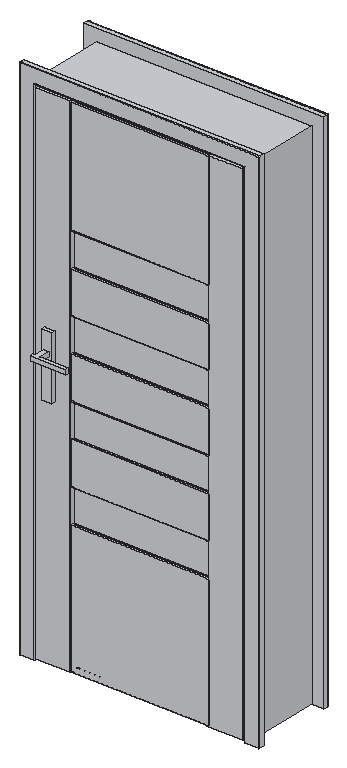
Revit family "porta_koncept_H0_bp", category Drzwi, Revit 2016
Family settings
  Obiekt nadrzędny = Ściana
  Zawsze pionowo = Tak
  Tnij formami wycięć po wczytaniu = Nie
  Współdzielony = Nie
  Punkt obliczania pomieszczeń = Nie
Parameters (values of type "PN 80")
  Wysokość brutto = 2060 mm
  Szerokość brutto = 880 mm
  Model = "Koncept"
  Konstrukcja analityczna = "<Brak>"
  Funkcja = Wewnętrzna
  URL = "www.porta.com.pl"
  Ss = 818 mm
  Sb = 846 mm
  Producent = "PORTA KMI POLAND"
  Keynote = ""
  Description = ""
  Wysokość = 2016 mm
  Zakończenie ściany = Wg obiektu nadrzędnego
  Szerokość = 800 mm
  Materiał_skrzydło [instance] = none
  Materiał_ościeżnica [instance] = none
  Materiał_klamka [instance] = none
  Informacja = "Własność Porta KMI Poland, wszelkie prawa zastrzeżone."  # constant formula
  Hs = 2017 mm
Types (6, lengths in mm): name | Szerokość brutto | Model | Ss | Sb | Description | Szerokość
  PN 70 | 780 | 0 | 718 | 746 | "Biblioteki CAD produktów firmy PORTA KMI POLAND wraz z ich wizualizacjami są chronione prawami własności przemysłowej i intelektualnej. Można je wykorzystywać do handlowych celów osobistych poprzez zastosowanie w projektach, jednak nie wolno ich powielać, modyfikować, licencjonować ani publikować, w całości ani w części, chyba że celem przeglądania, bez uprzedniej pisemnej zgody PORTA KMI Poland. www.porta.com.pl" | 700
  PN 60 | 680 | 0 | 618 | 646 | "Biblioteki CAD produktów firmy PORTA KMI POLAND wraz z ich wizualizacjami są chronione prawami własności przemysłowej i intelektualnej. Można je wykorzystywać do handlowych celów osobistych poprzez zastosowanie w projektach, jednak nie wolno ich powielać, modyfikować, licencjonować ani publikować, w całości ani w części, chyba że celem przeglądania, bez uprzedniej pisemnej zgody PORTA KMI Poland. www.porta.com.pl" | 600
  PN 80 | 880 | "Koncept" | 818 | 846 | "" | 800
  PN 90 | 980 | 0 | 918 | 946 | "Biblioteki CAD produktów firmy PORTA KMI POLAND wraz z ich wizualizacjami są chronione prawami własności przemysłowej i intelektualnej. Można je wykorzystywać do handlowych celów osobistych poprzez zastosowanie w projektach, jednak nie wolno ich powielać, modyfikować, licencjonować ani publikować, w całości ani w części, chyba że celem przeglądania, bez uprzedniej pisemnej zgody PORTA KMI Poland. www.porta.com.pl" | 900
  PN 100 | 1080 | 0 | 1018 | 1046 | "Biblioteki CAD produktów firmy PORTA KMI POLAND wraz z ich wizualizacjami są chronione prawami własności przemysłowej i intelektualnej. Można je wykorzystywać do handlowych celów osobistych poprzez zastosowanie w projektach, jednak nie wolno ich powielać, modyfikować, licencjonować ani publikować, w całości ani w części, chyba że celem przeglądania, bez uprzedniej pisemnej zgody PORTA KMI Poland. www.porta.com.pl" | 1000
  PN 110 | 1180 | 0 | 1118 | 1146 | "Biblioteki CAD produktów firmy PORTA KMI POLAND wraz z ich wizualizacjami są chronione prawami własności przemysłowej i intelektualnej. Można je wykorzystywać do handlowych celów osobistych poprzez zastosowanie w projektach, jednak nie wolno ich powielać, modyfikować, licencjonować ani publikować, w całości ani w części, chyba że celem przeglądania, bez uprzedniej pisemnej zgody PORTA KMI Poland. www.porta.com.pl" | 1100
Reference planes
  plane 1: y = 0
  plane 2 "Środek (Lewa/Prawa)": x = 0
  plane 3 "Lewy": x = -440
  plane 4 "Prawy": x = 440
  plane 5: z = 2060
  plane 6 "Zewnętrzna": y = 150
  plane 7 "Wewnętrzna": y = -150
  plane 8 "skrzydło": y = -129
Forms (mm)
  Sweep 1, solid, material <- "Materiał_ościeżnica"
    path in 3D
      loop
        line (-440, -150, 0) -> (-440, -150, 2060) -> (440, -150, 2060) -> (440, -150, 0)
    profile origin (-440, -150, 1030) x (0, -1, 0) y (1, 0, 0)
      loop
        line (-24, 39) -> (-72, 39) -> (-72, 17) -> (0, 17) -> (0, -33) -> (16, -33)
        arc (16, -33) -> (18.121, -32.121) -> (19, -30) r 3
        line (19, -30) -> (19, 24)
        arc (19, 24) -> (18.121, 26.121) -> (16, 27) r 3
        line (16, 27) -> (-24, 27) -> (-24, 39)
  Sweep 2, solid, material <- "Materiał_ościeżnica"
    path in 3D
      loop
        line (440, 150, 0) -> (440, 150, 2060) -> (-440, 150, 2060) -> (-440, 150, 0)
    profile origin (-440, 150, 1030) x (1, 0, 0) y (0, 1, 0)
      loop
        line (-33, 0) -> (17, 0) -> (17, -228) -> (39, -228) -> (39, -1)
        arc (39, -1) -> (37.536, 2.536) -> (34, 4) r 5
        line (34, 4) -> (25, 4) -> (25, 16)
        arc (25, 16) -> (24.121, 18.121) -> (22, 19) r 3
        line (22, 19) -> (-30, 19)
        arc (-30, 19) -> (-32.121, 18.121) -> (-33, 16) r 3
        line (-33, 16) -> (-33, 0)
  Sweep 3, solid, not visible
    path in 3D
      loop
        line (-440, -150, 0) -> (-440, -150, 2060)
    profile origin (-440, -150, 1030) x (0, -1, 0) y (1, 0, 0)
      loop
        line (-151, 17) -> (-149, 17) -> (-149, 19) -> (-151, 19) -> (-151, 17)
Cuts and joins
  joined: Sweep 1, Sweep 2
Lines and regions (mm)
  Opening 1
    outline origin (-3050, -150, 0) x (1, 0, 0) y (0, 0, 1)
      loop
        line (2610, 0) -> (3490, 0) -> (3490, 2060) -> (2610, 2060) -> (2610, 0)
  sketch lines
    curve 1: line (-440, -150, 0) -> (-440, -150, 2060)
    curve 2: line (-440, -150, 2060) -> (440, -150, 2060)
    curve 3: line (440, -150, 2060) -> (440, -150, 0)
    curve 4: line (-440, 150, 2060) -> (-440, 150, 0)
    curve 5: line (440, 150, 2060) -> (-440, 150, 2060)
    curve 6: line (440, 150, 0) -> (440, 150, 2060)
    curve 12: line (-440, -150, 0) -> (-440, -150, 2060)
  symbolic lines, style "DoorsPanelProjection"
    curve 7: line (409, -150, 0) -> (409, -968, 0)
    curve 8: line (409, -968, 0) -> (369, -968, 0)
    curve 9: line (369, -968, 0) -> (369, -150, 0)
    curve 10: line (369, -150, 0) -> (409, -150, 0)
  symbolic lines, style "Ugięcie rzutu"
    curve 11: arc (-409, -150, 0) -> (-169.413, -728.413, 0) -> (409, -968, 0) r 818
Text (mm)
  text "Zewnętrzna" at (-2295.016, 1099.543, 0), in view "Poziom odniesienia"
  text "Zewnętrzna" at (0, 1615.38, 3698.081), in view "Lewy"
  text "Zewnętrzna" at (0, 1036.032, 3874.932), in view "Prawy"
Dimensions and locks
  equal spacing: plane 3 "Lewy", plane 2 "Środek (Lewa/Prawa)", plane 4 "Prawy"
  "Szerokość brutto": plane 3 "Lewy" to plane 4 "Prawy"
  "Wysokość brutto": plane 5 to host wall
  host wall to plane 5 = 2060 mm  (x2)
  locked: plane 6 "Zewnętrzna" to host wall at 0
  locked: plane 7 "Wewnętrzna" to host wall
  "Sb": Sweep 1 to Sweep 1
  locked: Sweep 1 sketch curve to Sweep 1 sketch curve at 22
  Sweep 1 sketch curve to Sweep 1 sketch curve = 50 mm
  locked: Sweep 1 sketch curve to profile plane at 72
  locked: Sweep 2 sketch curve to Sweep 2 sketch curve at 50
  locked: Sweep 2 sketch curve to Sweep 2 sketch curve at 22
  locked: Sweep 2 sketch curve to plane 6 "Zewnętrzna" at 1
  locked: curve 9 to curve 7 at 40
  "Ss": curve 8 to curve 10
  equal spacing: curve 11, plane 2 "Środek (Lewa/Prawa)", curve 7
  locked: plane 7 "Wewnętrzna" to plane 8 "skrzydło" at 21
  locked: host wall to Sweep 3 sketch curve at 1
  locked: Sweep 3 sketch curve to host wall at 1
  locked: Sweep 3 sketch curve to plane 6 "Zewnętrzna" at 151
  locked: plane 7 "Wewnętrzna" to Sweep 3 sketch curve at 151
  equal spacing: nested 1, plane 2 "Środek (Lewa/Prawa)", nested 1
  locked: nested 1 to level at 8
  aligned and locked: plane 3 "Lewy" to Opening 1 sketch curve
  aligned and locked: plane 5 to Opening 1 sketch curve  (x2)
  aligned and locked: Opening 1 sketch curve to plane 4 "Prawy"
  aligned and locked: Opening 1 sketch curve to level
  aligned and locked: plane 1 to host wall
  aligned and locked: Sweep 1 to Sweep 2 sketch curve
  aligned and locked: plane 7 "Wewnętrzna" to curve 10
  aligned and locked: Sweep 3 sketch curve to cut or joined group of Sweep 1, Sweep 2
  aligned and locked: Sweep 2 sketch curve to cut or joined group of Sweep 1, Sweep 2
  aligned and locked: nested 1 to plane 8 "skrzydło"
Automatic sketch dimensions
  profile plane to Sweep 1 sketch curve = 24 mm
  Sweep 1 sketch curve to profile plane = 16 mm  (x2)
  Sweep 1 sketch curve to Sweep 1 sketch curve = 3 mm
  profile plane to Sweep 1 sketch curve = 17 mm
  Sweep 1 sketch curve to Sweep 1 sketch curve = 7 mm
  Sweep 1 sketch curve to profile plane = 0 mm
  Sweep 2 sketch curve to profile plane = 0 mm
  Sweep 2 sketch curve to profile plane = 16 mm
  Sweep 2 sketch curve to Sweep 2 sketch curve = 3 mm
  Sweep 2 sketch curve to Sweep 2 sketch curve = 5 mm
  Sweep 2 sketch curve to profile plane = 4 mm
  Sweep 2 sketch curve to Sweep 2 sketch curve = 8 mm
  curve 11 to host wall = 0 mm
  Sweep 3 sketch curve to Sweep 3 sketch curve = 2 mm
Nested families
  nested 1: "skrzydło" at (0, -135.5, 0), Materiał_klamka <- "Materiał_klamka", Materiał_skrzydło <- "Materiał_skrzydło", type "skrzydło"
    with Materiał_skrzydło none, Materiał_klamka none
Definition of nested family "skrzydło"
  Parameters
    Ss = 818 mm
    Materiał_skrzydło [instance] = none
    Materiał_klamka [instance] = none
    Hs = 2017 mm
  Reference planes
    plane 1 "Tył": y = 6.5
    plane 2: z = 0
    plane 3 "Środek (Lewa/Prawa)": x = 0
    plane 4 "Lewa": x = -409
    plane 5 "Prawa": x = 409
    plane 6 "Przód": y = -33.5
    plane 7: z = 2025
    plane 8 "Centrum": y = -13.5
    plane 9: z = 8
    plane 10: x = -272
    plane 11: x = 272
  Forms (mm)
    Extrusion 1, solid, material <- "Materiał_skrzydło"
      sketch origin (-1191.728, -1524, 8) x (-1, 0, 0) y (0, -1, 0)
        loop
          line (-1465.378, -1490.5) -> (-1599.078, -1490.5)
          arc (-1599.078, -1490.5) -> (-1600.244, -1490.983) -> (-1600.728, -1492.15) r 1.65
          line (-1600.728, -1492.15) -> (-1600.728, -1528.8)
          arc (-1600.728, -1528.8) -> (-1600.23, -1530.002) -> (-1599.028, -1530.5) r 1.7
          line (-1599.028, -1530.5) -> (-1465.378, -1530.5)
          arc (-1465.378, -1530.5) -> (-1464.211, -1530.017) -> (-1463.728, -1528.85) r 1.65
          line (-1463.728, -1528.85) -> (-1463.728, -1492.15)
          arc (-1463.728, -1492.15) -> (-1464.211, -1490.983) -> (-1465.378, -1490.5) r 1.65
      from 0 to 2017
    Extrusion 2, solid, material <- "Materiał_skrzydło"
      sketch origin (0, 0, 0) x (0, 1, 0) y (0, 0, 1)
        loop
          line (4, 1568.15) -> (4, 2023.3)
          arc (4, 2023.3) -> (3.502, 2024.502) -> (2.3, 2025) r 1.7
          line (2.3, 2025) -> (-29.35, 2025)
          arc (-29.35, 2025) -> (-30.517, 2024.517) -> (-31, 2023.35) r 1.65
          line (-31, 2023.35) -> (-31, 1568.15)
          arc (-31, 1568.15) -> (-30.517, 1566.983) -> (-29.35, 1566.5) r 1.65
          line (-29.35, 1566.5) -> (2.35, 1566.5)
          arc (2.35, 1566.5) -> (3.517, 1566.983) -> (4, 1568.15) r 1.65
        loop
          line (2.35, 529.5) -> (-29.35, 529.5)
          arc (-29.35, 529.5) -> (-30.517, 529.017) -> (-31, 527.85) r 1.65
          line (-31, 527.85) -> (-31, 9.65)
          arc (-31, 9.65) -> (-30.517, 8.483) -> (-29.35, 8) r 1.65
          line (-29.35, 8) -> (-25, 8)
          arc (-25, 8) -> (-23.833, 8.483) -> (-23.35, 9.65) r 1.65
          arc (-23.35, 9.65) -> (-22.955, 10.605) -> (-22, 11) r 1.35
          line (-22, 11) -> (-5, 11)
          arc (-5, 11) -> (-4.045, 10.605) -> (-3.65, 9.65) r 1.35
          arc (-3.65, 9.65) -> (-3.167, 8.483) -> (-2, 8) r 1.65
          line (-2, 8) -> (2.35, 8)
          arc (2.35, 8) -> (3.517, 8.483) -> (4, 9.65) r 1.65
          line (4, 9.65) -> (4, 527.85)
          arc (4, 527.85) -> (3.517, 529.017) -> (2.35, 529.5) r 1.65
        loop
          line (2.35, 831.25) -> (-29.35, 831.25)
          arc (-29.35, 831.25) -> (-30.517, 830.767) -> (-31, 829.6) r 1.65
          line (-31, 829.6) -> (-31, 662.9)
          arc (-31, 662.9) -> (-30.517, 661.733) -> (-29.35, 661.25) r 1.65
          line (-29.35, 661.25) -> (2.35, 661.25)
          arc (2.35, 661.25) -> (3.517, 661.733) -> (4, 662.9) r 1.65
          line (4, 662.9) -> (4, 829.6)
          arc (4, 829.6) -> (3.517, 830.767) -> (2.35, 831.25) r 1.65
        loop
          line (2.35, 1133) -> (-29.35, 1133)
          arc (-29.35, 1133) -> (-30.517, 1132.517) -> (-31, 1131.35) r 1.65
          line (-31, 1131.35) -> (-31, 964.65)
          arc (-31, 964.65) -> (-30.517, 963.483) -> (-29.35, 963) r 1.65
          line (-29.35, 963) -> (2.35, 963)
          arc (2.35, 963) -> (3.517, 963.483) -> (4, 964.65) r 1.65
          line (4, 964.65) -> (4, 1131.35)
          arc (4, 1131.35) -> (3.517, 1132.517) -> (2.35, 1133) r 1.65
        loop
          line (2.35, 1434.75) -> (-29.35, 1434.75)
          arc (-29.35, 1434.75) -> (-30.517, 1434.267) -> (-31, 1433.1) r 1.65
          line (-31, 1433.1) -> (-31, 1266.4)
          arc (-31, 1266.4) -> (-30.517, 1265.233) -> (-29.35, 1264.75) r 1.65
          line (-29.35, 1264.75) -> (2.35, 1264.75)
          arc (2.35, 1264.75) -> (3.517, 1265.233) -> (4, 1266.4) r 1.65
          line (4, 1266.4) -> (4, 1433.1)
          arc (4, 1433.1) -> (3.517, 1434.267) -> (2.35, 1434.75) r 1.65
      from -272 to 272
    Extrusion 3, solid, material <- "Materiał_skrzydło"
      sketch origin (-892.016, -13.5, 1213) x (-1, 0, 0) y (0, 0, 1)
        loop
          line (-620.016, 353.5) -> (-1164.016, 353.5) -> (-1164.016, 221.75) -> (-620.016, 221.75) -> (-620.016, 353.5)
      from -6 to 6
    Extrusion 4, solid, material <- "Materiał_skrzydło"
      sketch origin (-892.016, -13.5, 1213) x (-1, 0, 0) y (0, 0, 1)
        loop
          line (-620.016, -80) -> (-620.016, 51.75) -> (-1164.016, 51.75) -> (-1164.016, -80) -> (-620.016, -80)
      from -6 to 6
    Extrusion 5, solid, material <- "Materiał_skrzydło"
      sketch origin (-892.016, -13.5, 1200) x (-1, 0, 0) y (0, 0, 1)
        loop
          line (-620.016, -237) -> (-1164.016, -237) -> (-1164.016, -368.75) -> (-620.016, -368.75) -> (-620.016, -237)
      from -6 to 6
    Extrusion 6, solid, material <- "Materiał_skrzydło"
      sketch origin (-892.016, -13.5, 1200) x (-1, 0, 0) y (0, 0, 1)
        loop
          line (-620.016, -538.75) -> (-1164.016, -538.75) -> (-1164.016, -670.5) -> (-620.016, -670.5) -> (-620.016, -538.75)
      from -6 to 6
    Extrusion 7, solid, material <- "Materiał_skrzydło"
      sketch origin (-1191.728, -1524, 8) x (-1, 0, 0) y (0, -1, 0)
        loop
          arc (-918.078, -1490.5) -> (-919.244, -1490.983) -> (-919.728, -1492.15) r 1.65
          line (-919.728, -1492.15) -> (-919.728, -1528.85)
          arc (-919.728, -1528.85) -> (-919.244, -1530.017) -> (-918.078, -1530.5) r 1.65
          line (-918.078, -1530.5) -> (-784.428, -1530.5)
          arc (-784.428, -1530.5) -> (-783.225, -1530.002) -> (-782.728, -1528.8) r 1.7
          line (-782.728, -1528.8) -> (-782.728, -1492.15)
          arc (-782.728, -1492.15) -> (-783.211, -1490.983) -> (-784.378, -1490.5) r 1.65
          line (-784.378, -1490.5) -> (-918.078, -1490.5)
      from 0 to 2017
  Dimensions and locks
    equal spacing: plane 4 "Lewa", plane 3 "Środek (Lewa/Prawa)", plane 5 "Prawa"
    "Ss": plane 4 "Lewa" to plane 5 "Prawa"
    locked: plane 9 to level at 8
    "Hs": plane 7 to plane 9
    locked: nested 1 to plane 9 at 934
    locked: plane 9 to nested 2 at 934
    equal spacing: plane 6 "Przód", plane 8 "Centrum", plane 1 "Tył"
    locked: plane 10 to plane 4 "Lewa" at 137
    locked: plane 5 "Prawa" to plane 11 at 137
    aligned and locked: nested 1 to plane 6 "Przód"
    aligned and locked: plane 5 "Prawa" to Extrusion 1 sketch curve
    aligned and locked: Extrusion 1 sketch curve to plane 1 "Tył"
    aligned and locked: Extrusion 1 sketch curve to plane 6 "Przód"
    aligned and locked: Extrusion 1 sketch curve to plane 11
    aligned and locked: plane 7 to Extrusion 1
    aligned and locked: Extrusion 2 to plane 10
    aligned and locked: plane 11 to Extrusion 2
    aligned and locked: plane 10 to Extrusion 3 sketch curve
    aligned and locked: plane 11 to Extrusion 3 sketch curve
    aligned and locked: Extrusion 2 to Extrusion 4 sketch curve  (x2)
    aligned and locked: plane 10 to Extrusion 5 sketch curve
    aligned and locked: plane 11 to Extrusion 5 sketch curve
    aligned and locked: plane 10 to Extrusion 6 sketch curve
    aligned and locked: plane 11 to Extrusion 6 sketch curve
    aligned and locked: plane 4 "Lewa" to Extrusion 7 sketch curve
    aligned and locked: Extrusion 7 sketch curve to plane 10
    aligned and locked: plane 7 to Extrusion 7
    aligned and locked: nested 2 to nested 1
  Automatic sketch dimensions
    Extrusion 3 sketch curve to Extrusion 3 sketch curve = 131.75 mm
    Extrusion 3 sketch curve to plane 7 = 458.5 mm
    Extrusion 4 sketch curve to plane 7 = 760.25 mm
    Extrusion 4 sketch curve to Extrusion 4 sketch curve = 131.75 mm
    plane 9 to Extrusion 5 sketch curve = 823.25 mm
    Extrusion 5 sketch curve to Extrusion 5 sketch curve = 131.75 mm
    plane 9 to Extrusion 6 sketch curve = 521.5 mm
    Extrusion 6 sketch curve to Extrusion 6 sketch curve = 131.75 mm
    Extrusion 7 sketch curve to plane 6 "Przód" = 0 mm
    plane 1 "Tył" to Extrusion 7 sketch curve = 0 mm
    Extrusion 7 sketch curve to plane 10 = 1.65 mm
    plane 1 "Tył" to Extrusion 7 sketch curve = 1.65 mm
    plane 4 "Lewa" to Extrusion 7 sketch curve = 1.7 mm
    plane 4 "Lewa" to Extrusion 7 sketch curve = 1.65 mm
    Extrusion 1 sketch curve to Extrusion 1 sketch curve = 1.65 mm
    Extrusion 1 sketch curve to plane 5 "Prawa" = 1.7 mm
    plane 11 to Extrusion 1 sketch curve = 1.65 mm  (x2)
    Extrusion 2 sketch curve to plane 9 = 0 mm  (x2)
    Extrusion 2 sketch curve to plane 7 = 0 mm
    plane 6 "Przód" to Extrusion 2 sketch curve = 2.5 mm  (x5)
    Extrusion 2 sketch curve to Extrusion 2 sketch curve = 1.65 mm  (x15)
    Extrusion 2 sketch curve to Extrusion 2 sketch curve = 4.35 mm
    Extrusion 2 sketch curve to Extrusion 2 sketch curve = 0 mm  (x2)
    Extrusion 2 sketch curve to Extrusion 2 sketch curve = 1.35 mm
    plane 9 to Extrusion 2 sketch curve = 1.65 mm
    plane 8 "Centrum" to Extrusion 2 sketch curve = 8.5 mm
    Extrusion 2 sketch curve to plane 7 = 1.7 mm
    plane 1 "Tył" to Extrusion 2 sketch curve = 4.2 mm
    plane 1 "Tył" to Extrusion 2 sketch curve = 4.15 mm  (x9)
    Extrusion 2 sketch curve to Extrusion 2 sketch curve = 516.85 mm
    Extrusion 2 sketch curve to Extrusion 2 sketch curve = 131.75 mm  (x4)
    Extrusion 2 sketch curve to Extrusion 2 sketch curve = 166.7 mm  (x3)
  Nested families
    nested 1: "KLAMKA" at (-354, -33.5, 1067), Materiał klamki <- "Materiał_klamka", type "KLAMKA"
      with Materiał klamki none
    nested 2: "KLAMKA" at (-354, 6.5, 1067), Materiał klamki <- "Materiał_klamka", type "KLAMKA"
      with Materiał klamki none
  Definition of nested family "KLAMKA"
    Parameters
      Materiał klamki [instance] = none
      Assembly Code = ""
      Default Elevation = 1219.2 mm
    Reference planes
      plane 1 "Center (Front/Back)": y = 0
      plane 2: z = 0
      plane 3 "Center (Left/Right)": x = 0
      plane 4: z = 125
      plane 5: z = -125
      plane 6: x = 20
      plane 7: x = -20
      plane 8: y = -70
      plane 9: y = -60
      plane 10: x = 10
      plane 11: x = -10
      plane 12: x = 120
      plane 13: z = 35
      plane 14: z = 55
      plane 15: y = -15
    Forms (mm)
      Extrusion 1, solid, material <- "Materiał klamki"
        sketch origin (0, 0, 0) x (1, 0, 0) y (0, 0, 1)
          loop
            line (-20, 125) -> (-20, -125) -> (20, -125) -> (20, 125) -> (-20, 125)
        from 0 to 15
      Extrusion 2, solid, material <- "Materiał klamki"
        sketch origin (0, 0, 0) x (1, 0, 0) y (0, 1, 0)
          loop
            line (-10, -15) -> (-10, -60) -> (-20, -60) -> (-20, -70) -> (120, -70) -> (120, -60) -> (10, -60) -> (10, -15) -> (-10, -15)
        from 35 to 55
    Dimensions and locks
      equal spacing: plane 4, plane 2, plane 5
      plane 4 to plane 5 = 250 mm
      equal spacing: plane 7, plane 3 "Center (Left/Right)", plane 6
      plane 7 to plane 6 = 40 mm
      plane 8 to plane 1 "Center (Front/Back)" = 70 mm
      plane 11 to plane 3 "Center (Left/Right)" to plane 10 = 10 mm locked, 10 mm locked
      plane 7 to plane 12 = 140 mm
      plane 15 to plane 1 "Center (Front/Back)" = 15 mm
      aligned and locked: plane 7 to Extrusion 1 sketch curve
      aligned and locked: Extrusion 1 sketch curve to plane 4
      aligned and locked: plane 5 to Extrusion 1 sketch curve
      aligned and locked: Extrusion 1 sketch curve to plane 6
      aligned and locked: plane 15 to Extrusion 1
      aligned and locked: Extrusion 1 to plane 1 "Center (Front/Back)"
      aligned and locked: plane 14 to Extrusion 2
      aligned and locked: Extrusion 2 to plane 13
    Automatic sketch dimensions
      Extrusion 2 sketch curve to plane 7 = 0 mm
      Extrusion 2 sketch curve to plane 9 = 0 mm  (x2)
      Extrusion 2 sketch curve to plane 11 = 0 mm
      Extrusion 2 sketch curve to plane 10 = 0 mm
      Extrusion 2 sketch curve to plane 12 = 0 mm
      Extrusion 2 sketch curve to plane 8 = 0 mm
      Extrusion 2 sketch curve to plane 15 = 0 mm
